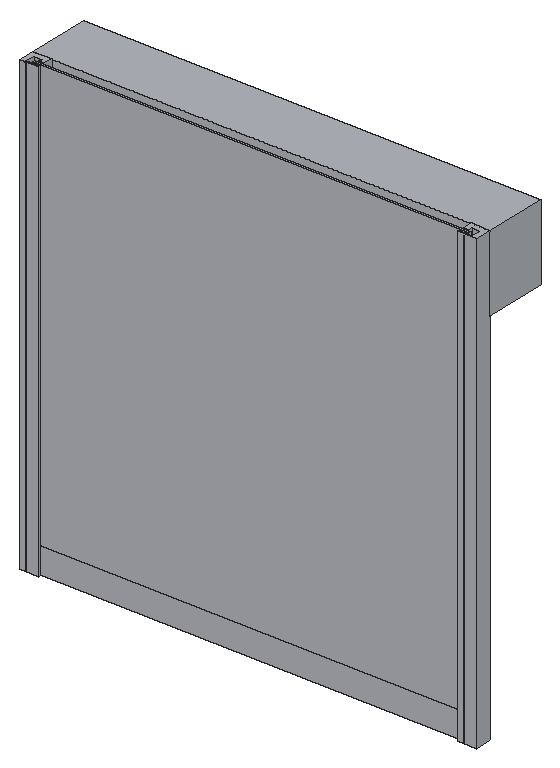
Revit family "Overhead_Door-CHI-Counter_Shutter-6500", category Specialty Equipment, host Wall, Revit 2026
Family settings
  Host = Wall
  Round Connector Dimension = Use Diameter
  Part Type = Normal
  Classification Number = 23.30.60.14.17
  Enable Cutting in Views = No
  Always vertical = Yes
  Cut with Voids When Loaded = No
  Maintain Annotation Orientation = No
  Shared = No
  Room Calculation Point = No
Parameters (values of type "Counter Shutter - 6522 - Galvanized - F1.5 Flat Slat")
  Warranty URL = "https://www.chiohd.com/support/warranty"
  Version = "2021-v1.a"  # constant formula
  URL = "https://www.chiohd.com/"
  Support Phone = "(224) 699-9545"  # constant formula
  Support Email = "mailto: support@bimsmith.com"
  Steel Gauge = if(Constraints = 2, "16", "22")  # "22"
  Stainless Steel Profile [instance] = not(Aluminum Profile)  # no
  Right Side Operator [instance] = not(Left Side Operator)  # yes
  C FW Right Operator Vis [instance] = if(and(Face of Wall Installation, Motor Operated, Right Side Operator), 1 = 1, 1 = 0)  # no
  Left Side Operator [instance] = no
  Fire Rating = "Contact Manufacturer for More Information"  # constant formula
  Product Page URL = "https://www.chiohd.com/commercial-doors/counter-shutters/6522"
  Product Documentation Link = "https://cdn2.hubspot.net/hubfs/2029938/Architects-Specifications/CHI-RS_Shutters082015V1L.pdf?t=1537204623233"
  Panel Thickness = 0' - 0 1/2"  # constant formula
  Panel Finish = Steel - C.H.I Overhead Doors - F1.5 Flat Slat - Unpainted Galvanized
  Opening Width [instance] = if(Desired Opening Width < C Min Width, C Min Width, if(Desired Opening Width > C Max Width, C Max Width, Desired Opening Width))  # 5' - 0"
  Opening Height [instance] = if(Desired Opening Height < C Min Height, C Min Height, if(Desired Opening Height > C Max Height, C Max Height, Desired Opening Height))  # 5' - 0"
  Face of Wall Installation [instance] = not(Between Jamb Installation)  # no
  Door Size Limits [instance] = "Min Size 3' x 3' │ Max Size 8'-4\"H x 14'-4\"W"  # constant formula
  C Top Box Height = 0' - 10"  # constant formula
  C Side Offset [instance] = if(and(Stainless Steel Profile, Between Jamb Installation), 0' 4 5/16", if(Aluminum Profile, 0' 2 1/2", 0' 2 197/256"))  # 0' - 2 1/2"
  C Opening Offset [instance] = if(Between Jamb Installation, C Side Offset, 0' 0")  # 0' - 2 1/2"
  Constraints = 1
  C FW Left Operator Vis [instance] = if(and(Face of Wall Installation, Motor Operated, Left Side Operator), 1 = 1, 1 = 0)  # no
  C Headroom = 1' - 1 1/2"  # constant formula
  C Front Frame Offset [instance] = if(Aluminum Profile, 0' 0 79/128", 0' 0")  # 0' - 0 79/128"
  C Frame Thickness [instance] = if(and(Stainless Steel Profile, Between Jamb Installation), 0' 2 229/256", if(Aluminum Profile, 0' 2 39/256", 0' 2 197/256"))  # 0' - 2 39/256"
  C Door Thickness = 0' - 0 79/256"  # constant formula
  C Door Overall Offset [instance] = if(Between Jamb Installation, 0' 0", C Frame Thickness)  # 0' - 0"
  C Door Inset [instance] = if(Aluminum Profile, 0' 1 11/64", 0' 1 1/2")  # 0' - 1 11/64"
  C Door Front Offset [instance] = if(Aluminum Profile, 0' 0 103/256", 0' 0 1/2")  # 0' - 0 103/256"
  C Backroom = 0' - 10 1/2"  # constant formula
  C BJ Right Operator Vis [instance] = if(and(Between Jamb Installation, Motor Operated, Right Side Operator), 1 = 1, 1 = 0)  # no
  C BJ Left Operator Vis [instance] = if(and(Between Jamb Installation, Motor Operated, Left Side Operator), 1 = 1, 1 = 0)  # no
  Between Jamb Installation [instance] = yes
  Motor Operated [instance] = no
  Model = if(Constraints = 1, "6522", if(Constraints = 2, "6544", if(Constraints = 3, "6566", "NA")))  # "6522"
  Material = Steel - C.H.I Overhead Doors - Unpainted Galvanized
  Manufacturer Phone Number = "800-738-5006"  # constant formula
  Manufacturer Fax Number = "800-677-2650"  # constant formula
  Manufacturer Email = "mailto:aia@chiohd.com"
  Manufacturer Address = "1485 Sunrise Drive, Arthur, IL 61911"  # constant formula
  Manufacturer = "C.H.I. Overhead Doors"  # constant formula
  Manual Operated [instance] = not(Motor Operated)  # yes
  Keynote = "08 30 00"
  Desired Opening Height [instance] = 5' - 0"
  Desired Opening Width [instance] = 5' - 0"
  Description = "Roll-up Counter Shutter"  # constant formula
  Default Elevation = 2' - 4"
  Copyright = "©2024 C.H.I. Overhead Doors - a NUCOR® company All information presented is based on the specifications and features available at the time of printing and is subject to change without notice."  # constant formula
  C Min Width [instance] = 3' - 0"  # constant formula
  C Min Height [instance] = 3' - 0"  # constant formula
  C Max Width [instance] = 14' - 4"  # constant formula
  C Max Height [instance] = 8' - 4"  # constant formula
  Headroom [instance] = 1' - 1 1/2"  # constant formula
  Door Side Offset [instance] = if(Motor Operated, 0' 4 1/2", if(Constraints = 3, 0' 3 1/2", 0' 2 1/2"))  # 0' - 2 1/2"
  Assembly Code = "B2030410"
  Aluminum Profile [instance] = yes
Types (6): name | Steel Gauge | Right Side Operator | Left Side Operator | Product Page URL | Panel Finish | Constraints | C BJ Left Operator Vis | Motor Operated | Model | Material | Manual Operated | Door Side Offset
  (no name) | "22" | yes | no | "https://www.chiohd.com/commercial-doors/counter-shutters/6522" | Steel - C.H.I Overhead Doors - F1.5 Flat Slat - Unpainted Galvanized | 1 | no | no | "6522" | Steel - C.H.I Overhead Doors - Unpainted Galvanized | yes | 0' - 2 1/2"
  Counter Shutter - 6522 - Gray - F1.5 Flat Slat | "22" | no | yes | "https://www.chiohd.com/commercial-doors/counter-shutters/6522" | Steel - C.H.I Overhead Doors - F1.5 Flat Slat - Gray | 1 | no | no | "6522" | Steel - C.H.I Overhead Doors - Gray | yes | 0' - 2 1/2"
  Counter Shutter - 6566 - Stainless - F1.5 Flat Slat | "22" | no | yes | "https://www.chiohd.com/commercial-doors/counter-shutters/6566" | Steel - C.H.I Overhead Doors - F1.5 Flat Slat - Stainless | 3 | yes | yes | "6566" | Steel - C.H.I Overhead Doors - Stainless | no | 0' - 4 1/2"
  Counter Shutter - 6544 - Clear Anodized - F1.5 Flat Slat | "16" | no | yes | "https://www.chiohd.com/commercial-doors/counter-shutters/6544" | Aluminum - C.H.I Overhead Doors - Flat Slat F1.5 - Clear Anodized | 2 | no | no | "6544" | Aluminum - C.H.I Overhead Doors - Clear Anodized | yes | 0' - 2 1/2"
  Counter Shutter - 6522 - White - F1.5 Flat Slat | "22" | no | yes | "https://www.chiohd.com/commercial-doors/counter-shutters/6522" | Steel - C.H.I Overhead Doors - F1.5 Flat Slat - White | 1 | no | no | "6522" | Steel - C.H.I Overhead Doors - White | yes | 0' - 2 1/2"
  Counter Shutter - 6522 - Galvanized - F1.5 Flat Slat | "22" | yes | no | "https://www.chiohd.com/commercial-doors/counter-shutters/6522" | Steel - C.H.I Overhead Doors - F1.5 Flat Slat - Unpainted Galvanized | 1 | no | no | "6522" | Steel - C.H.I Overhead Doors - Unpainted Galvanized | yes | 0' - 2 1/2"
Reference planes (in)
  plane 1: y = 0
  plane 2 "Center (Left/Right)": x = 0
  plane 3 "Wall Edge": y = 3
  plane 4: z = 60
  plane 5: x = -27.5
  plane 6: x = 27.5
  plane 7: y = 0.84766
  plane 8: y = 0.23047
  plane 9: y = 3
  plane 10: y = 11.34766
  plane 11: z = 50
  plane 12: z = 46.5
  plane 13: x = -28.67187
  plane 14: y = 1.25
  plane 15: y = 1.55859
  plane 16: x = 28.67187
  plane 17: z = 3.37726
  plane 18: x = -30
  plane 19: x = 30
  plane 20: x = -30
  plane 21: x = 30
Forms (in)
  Extrusion 1, solid, material "Steel - C.H.I Overhead Doors - Unpainted Galvanized" <- "Material"
    sketch origin (0, 0, 0) x (0, 1, 0) y (0, 0, 1)
      loop
        line (3, 60) -> (3, 50) -> (11.34766, 50) -> (11.34766, 60) -> (3, 60)
    from -30 to 30
  Extrusion 2, solid, material "Steel - C.H.I Overhead Doors - Unpainted Galvanized" <- "Material"
    sketch origin (0, 0, 0) x (1, 0, 0) y (0, 1, 0)
      loop
        line (-28.67187, 1.55859) -> (-28.67187, 1.25) -> (28.67188, 1.25) -> (28.67188, 1.55859) -> (-28.67187, 1.55859)
    from 0 to 3.37726
  Extrusion 3, solid, material "Steel - C.H.I Overhead Doors - F1.5 Flat Slat - Unpainted Galvanized" <- "Panel Finish"
    sketch origin (0, 0, 0) x (1, 0, 0) y (0, 1, 0)
      loop
        line (-28.67187, 1.55859) -> (-28.67187, 1.25) -> (28.67188, 1.25) -> (28.67188, 1.55859) -> (-28.67187, 1.55859)
    from 3.37726 to 60
Lines and regions (in)
  Opening 1
    outline origin (-60, -3, 0) x (1, 0, 0) y (0, 0, 1)
      loop
        line (30, 60) -> (30, 0) -> (90, 0) -> (90, 60) -> (30, 60)
Text (in)
  text "Placement Side" at (0, 40.15149, 123.01588), in view "Right"
  text "Placement Side" at (-70.3804, 28.46503, 0), in view "Ref. Level"
  text "Placement Side" at (0, 55.49956, 86.01421), in view "Left"
Dimensions and locks (in)
  locked: plane 3 "Wall Edge" to host wall
  "Opening Height": level to plane 4
  "C Front Frame Offset": plane 7 to plane 8
  "C Frame Thickness": plane 9 to plane 7
  "C Backroom": plane 10 to plane 7
  "C Top Box Height": plane 11 to plane 4
  "C Headroom": plane 12 to plane 4
  "C Door Front Offset": plane 14 to plane 7
  "C Door Thickness": plane 15 to plane 14
  "C Door Overall Offset": plane 3 "Wall Edge" to plane 9
  equal spacing: plane 18, plane 2 "Center (Left/Right)", plane 19
  "Opening Width": plane 18 to plane 19
  "C Opening Offset": plane 18 to plane 5
  "C Opening Offset": plane 6 to plane 19
  "C Side Offset": plane 20 to plane 5
  "C Side Offset": plane 6 to plane 21
  "C Door Inset": plane 13 to plane 5
  "C Door Inset": plane 6 to plane 16
  aligned and locked: plane 4 to Opening 1 sketch curve
  aligned and locked: level to Opening 1 sketch curve
  aligned and locked: plane 6 to nested 1
  aligned and locked: nested 1 to plane 8
  aligned and locked: plane 5 to nested 2
  aligned and locked: nested 2 to plane 8
  aligned and locked: nested 1 to Extrusion 1 sketch curve
  aligned and locked: Extrusion 1 sketch curve to plane 11
  aligned and locked: Extrusion 1 sketch curve to plane 10
  aligned and locked: Extrusion 2 sketch curve to plane 15
  aligned and locked: plane 13 to Extrusion 2 sketch curve
  aligned and locked: Extrusion 2 sketch curve to plane 14
  aligned and locked: Extrusion 2 sketch curve to plane 16
  aligned and locked: Extrusion 2 to level
  aligned and locked: Extrusion 2 to plane 17
  aligned and locked: Extrusion 3 sketch curve to Extrusion 2  (x4)
  aligned and locked: Extrusion 3 to plane 17
  aligned and locked: host wall to Extrusion 3
  aligned and locked: Opening 1 sketch curve to plane 18
  aligned and locked: plane 19 to Opening 1 sketch curve
  aligned and locked: plane 21 to Extrusion 1
  aligned and locked: Extrusion 1 to plane 20
  aligned and locked: plane 9 to Extrusion 1 sketch curve
  aligned and locked: nested 3 to plane 4
  aligned and locked: nested 3 to plane 21
  aligned and locked: nested 4 to plane 20
  aligned and locked: plane 4 to nested 4
  aligned and locked: plane 4 to nested 5
  aligned and locked: plane 21 to nested 5
  aligned and locked: nested 6 to plane 4
  aligned and locked: plane 20 to nested 6
Nested families (in)
  nested 1: "Nested-Sides" at (27.5, 2.99916, 0) x (-1, 0, 0) z (0, 0, 1), type "Default"
    with Stainless Steel Profile (Between Jambs) no, Stainless Steel Profile no, Aluminum Profile yes
  nested 2: "Nested-Sides" at (-27.5, 2.99916, 0), type "Default"
    with Stainless Steel Profile (Between Jambs) no, Stainless Steel Profile no, Aluminum Profile yes
  nested 3: "Nested - Operator" at (39.491, 3, 60) x (1, 0, 0) z (0, 1, 0), visible <- "C FW Left Operator Vis", type "Default"
  nested 4: "Nested - Operator" at (-39.491, 3, 60) x (-1, 0, 0) z (0, 1, 0), visible <- "C FW Right Operator Vis", type "Default"
  nested 5: "Nested - Operator" at (21.35298, 11.34766, 60) x (-1, 0, 0) z (0, 1, 0), visible <- "C BJ Left Operator Vis", type "Default"
  nested 6: "Nested - Operator" at (-21.35298, 11.34766, 60) x (1, 0, 0) z (0, 1, 0), visible <- "C BJ Right Operator Vis", type "Default"
Definition of nested family "Nested-Sides"
  Parameters (values of type "Default")
    Stainless Steel Profile (Between Jambs) = and(Stainless Steel Profile, Between Jambs)  # yes
    Stainless Steel Profile = not(Aluminum Profile)  # yes
    Material = none
    H = 0' - 2 229/256"  # constant formula
    Frame Height = 5' - 0"
    Default Elevation = 0' - 0"
    Between Jambs = yes
    Aluminum Profile = no
    A = 0' - 4 3/16"  # constant formula
  Reference planes (in)
    plane 1 "Center (Front/Back)": y = 0
    plane 2: z = 0
    plane 3 "Center (Left/Right)": x = 0
    plane 4: z = 60
    plane 5: x = -2.76846
    plane 6: x = -4.31334
    plane 7: y = 0.12584
    plane 8: x = -2.64262
    plane 9: x = -2.51678
    plane 10 "AA": y = -2.76869
  Forms (in)
    Extrusion 1, solid, material <- "Material", visible <- "Stainless Steel Profile"
      sketch origin (-1.35633, -2.42987, 0) x (1, 0, 0) y (0, 1, 0)
        loop
          line (1.10465, 2.17819) -> (1.10465, 1.29752)
          arc (1.10465, 1.29752) -> (1.06779, 1.20854) -> (0.97881, 1.17169) r 0.12584
          line (0.97881, 1.17169) -> (0.34962, 1.17169) -> (0.34962, 1.04585) -> (0.97881, 1.04585)
          arc (0.97881, 1.04585) -> (1.15677, 1.11956) -> (1.23049, 1.29752) r 0.25168
          line (1.23049, 1.29752) -> (1.23049, 2.17819)
          arc (1.23049, 2.17819) -> (1.15677, 2.35616) -> (0.97881, 2.42987) r 0.25168
          line (0.97881, 2.42987) -> (-1.16045, 2.42987)
          arc (-1.16045, 2.42987) -> (-1.33841, 2.35616) -> (-1.41213, 2.17819) r 0.25168
          line (-1.41213, 2.17819) -> (-1.41213, 0.16497) -> (-1.28629, 0.16497) -> (-1.28629, 2.17819)
          arc (-1.28629, 2.17819) -> (-1.24943, 2.26717) -> (-1.16045, 2.30403) r 0.12584
          line (-1.16045, 2.30403) -> (0.97881, 2.30403)
          arc (0.97881, 2.30403) -> (1.06779, 2.26717) -> (1.10465, 2.17819) r 0.12584
      from 0 to 60
    Extrusion 2, solid, material <- "Material", visible <- "Stainless Steel Profile"
      sketch origin (-1.35633, -2.42987, 0) x (1, 0, 0) y (0, 1, 0)
        loop
          line (-1.16045, 1.80024) -> (-1.28629, 1.80024) -> (-1.28629, -0.08735)
          arc (-1.28629, -0.08735) -> (-1.21257, -0.26531) -> (-1.03461, -0.33903) r 0.25168
          line (-1.03461, -0.33903) -> (1.23049, -0.33903) -> (1.23049, -0.21319) -> (-1.03461, -0.21319)
          arc (-1.03461, -0.21319) -> (-1.12359, -0.17633) -> (-1.16045, -0.08735) r 0.12584
          line (-1.16045, -0.08735) -> (-1.16045, 1.80024)
      from 0 to 60
    Extrusion 3, solid, material <- "Material", visible <- "Aluminum Profile"
      sketch origin (11.31899, 0, 0) x (1, 0, 0) y (0, 1, 0)
        loop
          line (-11.40038, -1.20393) -> (-11.40038, 0) -> (-13.81899, 0) -> (-13.81899, -2.14988) -> (-11.40038, -2.14988) -> (-11.40038, -1.95639) -> (-12.06684, -1.95639) -> (-12.06684, -2.02089) -> (-13.09878, -2.02089) -> (-13.09878, -0.80083) -> (-12.06684, -0.80083) -> (-12.06684, -1.20393) -> (-11.40038, -1.20393)
      from 0 to 60
    Extrusion 4, solid, material <- "Material", visible <- "Stainless Steel Profile (Between Jambs)"
      sketch origin (-3.97467, -2.43787, 0) x (1, 0, 0) y (0, 1, 0)
        loop
          arc (-0.21283, 2.31203) -> (-0.17598, 2.40102) -> (-0.08699, 2.43787) r 0.12584
          line (-0.08699, 2.43787) -> (3.58955, 2.43787) -> (3.58955, 2.56371) -> (-0.08699, 2.56371)
          arc (-0.08699, 2.56371) -> (-0.26496, 2.49) -> (-0.33867, 2.31203) r 0.25168
          line (-0.33867, 2.31203) -> (-0.33867, 0.17314) -> (-0.21283, 0.17314) -> (-0.21283, 2.31203)
      from 0 to 60
  Lines and regions (in)
    Masking region 1, visible <- "Aluminum Profile"
      outline origin (11.31899, 0, 0) x (1, 0, 0) y (0, 1, 0)
        loop
          line (-13.09878, -0.80083) -> (-12.06684, -0.80083) -> (-12.06684, -1.20393) -> (-11.40038, -1.20393) -> (-11.40038, 0) -> (-13.81899, 0) -> (-13.81899, -2.14988) -> (-11.40038, -2.14988) -> (-11.40038, -1.95639) -> (-12.06684, -1.95639) -> (-12.06684, -2.02089) -> (-13.09878, -2.02089) -> (-13.09878, -0.80083)
    symbolic lines, visible <- "Aluminum Profile"
      curve 1: line (-2.37101, -2.08538, 0) -> (-2.37101, -2.01014, 0)
      curve 2: line (-2.37101, -2.01014, 0) -> (-1.90878, -2.01014, 0)
      curve 3: line (-1.90878, -2.01014, 0) -> (-1.90878, -1.69303, 0)
      curve 4: line (-1.90878, -1.69303, 0) -> (-2.0324, -1.69303, 0)
      curve 5: line (-2.0324, -1.69303, 0) -> (-2.0324, -1.88114, 0)
      curve 6: line (-2.0324, -1.88114, 0) -> (-2.11302, -1.88114, 0)
      curve 7: line (-2.11302, -1.88114, 0) -> (-2.11302, -1.74678, 0)
      curve 8: line (-2.11302, -1.74678, 0) -> (-2.21514, -1.74678, 0)
      curve 9: line (-2.21514, -1.74678, 0) -> (-2.21514, -1.88114, 0)
      curve 10: line (-2.21514, -1.88114, 0) -> (-2.37101, -1.88114, 0)
      curve 11: line (-2.37101, -1.88114, 0) -> (-2.37101, -1.20931, 0)
      curve 12: line (-2.37101, -1.20931, 0) -> (-2.21514, -1.20931, 0)
      curve 13: line (-2.21514, -1.20931, 0) -> (-2.21514, -1.34367, 0)
      curve 14: line (-2.21514, -1.34367, 0) -> (-2.11302, -1.34367, 0)
      curve 15: line (-2.11302, -1.34367, 0) -> (-2.11302, -1.20931, 0)
      curve 16: line (-2.11302, -1.20931, 0) -> (-2.0324, -1.20931, 0)
      curve 17: line (-2.0324, -1.20931, 0) -> (-2.0324, -1.39742, 0)
      curve 18: line (-2.0324, -1.39742, 0) -> (-1.90878, -1.39742, 0)
      curve 19: line (-1.90878, -1.39742, 0) -> (-1.90878, -1.08031, 0)
      curve 20: line (-1.90878, -1.08031, 0) -> (-2.37101, -1.08031, 0)
      curve 21: line (-2.37101, -1.08031, 0) -> (-2.37101, -0.12899, 0)
      curve 22: line (-2.37101, -2.08538, 0) -> (-2.37101, -2.04238, 0)
      curve 23: line (-2.37101, -2.04238, 0) -> (-1.90878, -2.04238, 0)
      curve 24: line (-1.90878, -2.04238, 0) -> (-1.90878, -0.67184, 0)
      curve 25: line (-1.90878, -0.67184, 0) -> (-0.61886, -0.67184, 0)
      curve 26: line (-0.61886, -0.67184, 0) -> (-0.61886, -0.96744, 0)
      curve 27: line (-0.61886, -0.96744, 0) -> (-0.16738, -0.96744, 0)
      curve 28: line (-0.16738, -0.96744, 0) -> (-0.16738, -0.34398, 0)
      curve 29: line (-0.16738, -0.34398, 0) -> (-0.34475, -0.34398, 0)
      curve 30: line (-0.34475, -0.34398, 0) -> (-0.34475, -0.17199, 0)
      curve 31: line (-0.34475, -0.17199, 0) -> (-0.25875, -0.17199, 0)
      curve 32: line (-0.25875, -0.17199, 0) -> (-0.25875, -0.25799, 0)
      curve 33: line (-0.25875, -0.25799, 0) -> (-0.16738, -0.25799, 0)
      curve 34: line (-0.54361, -1.13944, 0) -> (-0.54361, -1.20393, 0)
      curve 35: line (-0.60811, -1.13944, 0) -> (-0.54361, -1.13944, 0)
      curve 36: line (-0.60811, -1.08569, 0) -> (-0.60811, -1.13944, 0)
      curve 37: line (-0.60811, -1.08569, 0) -> (-0.29638, -1.08569, 0)
      curve 38: line (-0.29638, -1.08569, 0) -> (-0.29638, -1.13944, 0)
      curve 39: line (-0.29638, -1.13944, 0) -> (-0.36087, -1.13944, 0)
      curve 40: line (-0.36087, -1.13944, 0) -> (-0.36087, -1.20393, 0)
      curve 41: line (-0.54361, -1.95618, 0) -> (-0.54361, -2.02068, 0)
      curve 42: line (-0.54361, -2.02068, 0) -> (-0.60811, -2.02068, 0)
      curve 43: line (-0.60811, -2.02068, 0) -> (-0.60811, -2.07443, 0)
      curve 44: line (-0.60811, -2.07443, 0) -> (-0.29638, -2.07443, 0)
      curve 45: line (-0.29638, -2.07443, 0) -> (-0.29638, -2.02068, 0)
      curve 46: line (-0.29638, -2.02068, 0) -> (-0.36087, -2.02068, 0)
      curve 47: line (-0.36087, -2.02068, 0) -> (-0.36087, -1.95618, 0)
      curve 48: line (-0.24263, -0.12899, 0) -> (-0.24263, -0.25799, 0)
      curve 49: line (-2.37101, -0.12899, 0) -> (-0.24263, -0.12899, 0)
      curve 50: line (-0.16738, -0.25799, 0) -> (-0.16738, 0, 0)
      curve 51: line (-2.37101, -2.08538, 0) -> (-2.5, -2.08538, 0)
  Dimensions and locks (in)
    "Frame Height": plane 4 to level
    locked: plane 6 to Extrusion 4 sketch curve at 0.12584
    Extrusion 4 sketch curve to plane 3 "Center (Left/Right)" = 0' - 0.38512"
    "H": plane 10 "AA" to plane 7
    plane 5 to plane 8 to plane 9 = 0' - 0.12584" locked, 0' - 0.12584" locked
    locked: plane 10 "AA" to Extrusion 4 sketch curve at 0.50396
    locked: plane 10 "AA" to Extrusion 1 sketch curve at 0.5038
    locked: plane 5 to plane 3 "Center (Left/Right)" at 2.76846
    locked: plane 6 to plane 3 "Center (Left/Right)" at 4.31334
    aligned and locked: plane 2 to level
    aligned and locked: plane 6 to Extrusion 4 sketch curve
    aligned and locked: plane 4 to Extrusion 4
    aligned and locked: plane 4 to Extrusion 3
    aligned and locked: plane 4 to Extrusion 2
    aligned and locked: plane 4 to Extrusion 1
  Automatic sketch dimensions
    Extrusion 1 sketch curve to Extrusion 1 sketch curve = 0' - 0"  (x7)
    plane 1 "Center (Front/Back)" to Extrusion 1 sketch curve = 0' - 0"
    Extrusion 1 sketch curve to plane 3 "Center (Left/Right)" = 0' - 2.76846"
    Extrusion 1 sketch curve to Extrusion 1 sketch curve = 0' - 0.12584"  (x2)
    Extrusion 1 sketch curve to Extrusion 1 sketch curve = 0' - 1.63591"
    Extrusion 1 sketch curve to Extrusion 1 sketch curve = 0' - 0.62919"
    plane 1 "Center (Front/Back)" to Extrusion 1 sketch curve = 0' - 0.25168"
    Extrusion 1 sketch curve to Extrusion 1 sketch curve = 0' - 0.88087"
    Extrusion 2 sketch curve to Extrusion 2 sketch curve = 0' - 0"  (x2)
    Extrusion 2 sketch curve to plane 3 "Center (Left/Right)" = 0' - 2.64262"
    Extrusion 2 sketch curve to Extrusion 2 sketch curve = 0' - 0.12584"  (x2)
    Extrusion 2 sketch curve to plane 3 "Center (Left/Right)" = 0' - 0.12584"
    plane 1 "Center (Front/Back)" to Extrusion 2 sketch curve = 0' - 2.7689"
    plane 1 "Center (Front/Back)" to Extrusion 2 sketch curve = 0' - 0.62964"
    plane 1 "Center (Front/Back)" to Extrusion 3 sketch curve = 0' - 0"
    Extrusion 3 sketch curve to plane 3 "Center (Left/Right)" = 0' - 2 1/2"
    Extrusion 3 sketch curve to Extrusion 3 sketch curve = 0' - 0.72021"
    Extrusion 3 sketch curve to Extrusion 3 sketch curve = 0' - 1.03194"
    Extrusion 3 sketch curve to Extrusion 3 sketch curve = 0' - 0"
    Extrusion 3 sketch curve to Extrusion 3 sketch curve = 0' - 0.66646"  (x2)
    plane 1 "Center (Front/Back)" to Extrusion 3 sketch curve = 0' - 0.80083"
    Extrusion 3 sketch curve to Extrusion 3 sketch curve = 0' - 0.4031"
    Extrusion 3 sketch curve to Extrusion 3 sketch curve = 0' - 0.75246"
    Extrusion 3 sketch curve to Extrusion 3 sketch curve = 0' - 0.0645"
    Extrusion 3 sketch curve to Extrusion 3 sketch curve = 0' - 0.12899"
    plane 1 "Center (Front/Back)" to Masking region 1 sketch curve = 0' - 0"
    Masking region 1 sketch curve to plane 3 "Center (Left/Right)" = 0' - 2 1/2"
    Masking region 1 sketch curve to Masking region 1 sketch curve = 0' - 0.72021"
    Masking region 1 sketch curve to Masking region 1 sketch curve = 0' - 1.03194"
    Masking region 1 sketch curve to Masking region 1 sketch curve = 0' - 0"
    Masking region 1 sketch curve to Masking region 1 sketch curve = 0' - 0.66646"  (x2)
    plane 1 "Center (Front/Back)" to Masking region 1 sketch curve = 0' - 0.80083"
    Masking region 1 sketch curve to Masking region 1 sketch curve = 0' - 0.4031"
    Masking region 1 sketch curve to Masking region 1 sketch curve = 0' - 0.75246"
    Masking region 1 sketch curve to Masking region 1 sketch curve = 0' - 0.0645"
    Masking region 1 sketch curve to Masking region 1 sketch curve = 0' - 0.12899"
    Extrusion 4 sketch curve to Extrusion 4 sketch curve = 0' - 0"  (x2)
    plane 1 "Center (Front/Back)" to Extrusion 4 sketch curve = 0' - 0"
    Extrusion 4 sketch curve to Extrusion 4 sketch curve = 0' - 0.12584"
    plane 1 "Center (Front/Back)" to curve 50 = 0' - 0"
    plane 9 to curve 2 = 0' - 0.14577"
    plane 9 to curve 49 = 0' - 0.14577"
    plane 9 to curve 12 = 0' - 0.14577"
    curve 10 to curve 9 = 0' - 0.15587"
    plane 9 to curve 13 = 0' - 0.30164"
    curve 8 to curve 7 = 0' - 0.10212"
    curve 13 to curve 14 = 0' - 0.10212"
    curve 14 to curve 18 = 0' - 0.08062"
    curve 7 to curve 5 = 0' - 0.08062"
    curve 17 to curve 19 = 0' - 0.12362"
    curve 5 to curve 23 = 0' - 0.12362"
    curve 3 to curve 23 = 0' - 0"
    curve 25 to plane 3 "Center (Left/Right)" = 0' - 0.61886"
    curve 26 to curve 35 = 0' - 0.01075"
    curve 43 to plane 3 "Center (Left/Right)" = 0' - 0.60811"
    curve 35 to curve 34 = 0' - 0.0645"
    curve 42 to curve 41 = 0' - 0.0645"
    curve 41 to curve 46 = 0' - 0.18274"
    curve 34 to curve 40 = 0' - 0.18274"
    plane 1 "Center (Front/Back)" to curve 30 = 0' - 0.17199"
    curve 30 to plane 3 "Center (Left/Right)" = 0' - 0.34475"
    curve 39 to curve 38 = 0' - 0.0645"
    curve 46 to curve 46 = 0' - 0.0645"
    curve 30 to curve 32 = 0' - 0.086"
    curve 31 to curve 48 = 0' - 0.01612"
    curve 48 to curve 33 = 0' - 0.07525"
    curve 29 to curve 33 = 0' - 0"
    curve 33 to curve 31 = 0' - 0.086"
    curve 28 to curve 33 = 0' - 0.086"
    plane 1 "Center (Front/Back)" to curve 24 = 0' - 0.67184"
    curve 27 to curve 25 = 0' - 0.29561"
    curve 21 to curve 24 = 0' - 0.40848"
    curve 37 to curve 27 = 0' - 0.11824"
    curve 36 to curve 36 = 0' - 0.05375"
    curve 39 to curve 37 = 0' - 0.05375"
    curve 15 to curve 19 = 0' - 0.12899"
    curve 12 to curve 20 = 0' - 0.12899"
    curve 14 to curve 15 = 0' - 0.13437"
    curve 19 to curve 14 = 0' - 0.05375"
    curve 4 to curve 18 = 0' - 0.29561"
    curve 7 to curve 4 = 0' - 0.05375"
    curve 7 to curve 7 = 0' - 0.13437"
    curve 11 to curve 8 = 0' - 0.13437"
    curve 2 to curve 10 = 0' - 0.12899"
    curve 47 to plane 10 "AA" = 0' - 0.74801"
    curve 43 to curve 46 = 0' - 0"
    curve 23 to curve 1 = 0' - 0.03225"
    curve 45 to curve 45 = 0' - 0.05375"
    curve 51 to curve 22 = 0' - 0.043"
    plane 1 "Center (Front/Back)" to curve 21 = 0' - 0.12899"
    plane 8 to curve 51 = 0' - 0.14262"
    curve 34 to curve 34 = 0' - 0.0645"
    curve 40 to curve 39 = 0' - 0.0645"
    curve 46 to curve 47 = 0' - 0.0645"
    curve 41 to curve 41 = 0' - 0.0645"
Definition of nested family "Nested - Operator"
  Parameters (values of type "Default")
    Finish = none
    Default Elevation = 0' - 0"
    Between Jambs = yes
  Reference planes (in)
    plane 1 "Center (Front/Back)": y = 0
    plane 2: z = 0
    plane 3 "Center (Left/Right)": x = 0
    plane 4: x = -8.64702
    plane 5: x = -1.45702
    plane 6: y = -12.56
    plane 7: y = -8.95
    plane 8 "BB": y = -0.82
  Forms (in)
    Extrusion 1, solid
      sketch origin (0, 0, 0) x (1, 0, 0) y (0, 0, 1)
        loop
          line (-8.64702, 11.12) -> (-8.64702, 8.06455) -> (-1.45702, 8.06455) -> (-1.45702, 11.12) -> (-8.64702, 11.12)
      from 0 to 12.56
    Revolve 2, solid
      sketch origin (-10.67207, -8.95, 48) x (-1, 0, 0) y (0, 0, 1)
        loop
          line (-1.18107, -45.007) -> (-1.18107, -44.48848) -> (-6.16137, -44.48848) -> (-6.16137, -44.23848) -> (-9.14971, -44.23848) -> (-9.14971, -43.73848) -> (-9.43894, -43.73848) -> (-9.43894, -43.79157) -> (-9.81184, -43.79157) -> (-9.81184, -43.35546) -> (-10.53046, -43.35546) -> (-10.53046, -44.37338) -> (-10.67207, -44.37338) -> (-10.67207, -45.007) -> (-1.18107, -45.007)
        axis (-1.18107, -45.007) -> (-10.67207, -45.007)
      angle from 0 to 360
    Extrusion 3, solid
      sketch origin (-41.10561, -17.06521, 0) x (1, 0, 0) y (0, 1, 0)
        loop
          line (33.52673, 16.05438) -> (33.52673, 11.44389) -> (39.22744, 11.44389) -> (39.22744, 16.05438) -> (33.52673, 16.05438)
      from 2.34685 to 8.06455
    Extrusion 4, solid
      sketch origin (-41.10561, -17.06521, 0) x (1, 0, 0) y (0, 1, 0)
        loop
          line (35.87698, 9.81535) -> (36.87719, 9.81535) -> (38.93706, 10.38084)
          arc (38.93706, 10.38084) -> (39.24911, 10.91751) -> (38.79611, 11.342) r 0.49842
          line (38.79611, 11.342) -> (37.53539, 11.44389) -> (35.21879, 11.44389) -> (33.95806, 11.342)
          arc (33.95806, 11.342) -> (33.50506, 10.91751) -> (33.81711, 10.38084) r 0.49842
          line (33.81711, 10.38084) -> (35.87698, 9.81535)
        loop
          line (35.87698, 6.35598) -> (33.81711, 5.79049)
          arc (33.81711, 5.79049) -> (33.50506, 5.25382) -> (33.95806, 4.82933) r 0.49842
          line (33.95806, 4.82933) -> (35.21879, 4.72744) -> (37.53539, 4.72744) -> (38.79611, 4.82933)
          arc (38.79611, 4.82933) -> (39.24911, 5.25382) -> (38.93706, 5.79049) r 0.49842
          line (38.93706, 5.79049) -> (36.87719, 6.35598) -> (35.87698, 6.35598)
      from 0 to 0.60386
    Extrusion 5, solid
      sketch origin (-41.10561, -17.06521, 0) x (1, 0, 0) y (0, 1, 0)
        loop
          line (34.72223, 11.06535) -> (34.72223, 5.23785) -> (38.03024, 5.23785) -> (38.03024, 11.06535) -> (34.72223, 11.06535)
      from 0.13494 to 8.06455
    Revolve 6, solid
      sketch origin (-10.67207, -0.82, 48) x (-1, 0, 0) y (0, 0, 1)
        loop
          line (-9.97079, -39.17298) -> (-1.7706, -39.17298) -> (-1.7706, -38.96031) -> (-1.91806, -38.96031) -> (-1.91806, -38.80787) -> (-9.8129, -38.80787) -> (-9.8129, -38.55087) -> (-9.97079, -38.55087) -> (-9.97079, -39.17298)
        axis (-1.7706, -39.17298) -> (-9.97079, -39.17298)
      angle from 0 to 360
    Extrusion 7, solid
      sketch origin (0, 0, 0) x (0, 1, 0) y (0, 0, 1)
        loop
          arc (-0.59536, 8.53921) -> (-0.52337, 9.03989) -> (-1.02073, 9.132) r 0.3651
          line (-1.02073, 9.132) -> (-9.38076, 3.62945)
          arc (-9.38076, 3.62945) -> (-9.56857, 2.53694) -> (-8.46937, 2.39332) r 0.76852
          line (-8.46937, 2.39332) -> (-0.59536, 8.53921)
        loop
          arc (-9.51946, 3.83745) -> (-9.77081, 2.38997) -> (-8.31437, 2.19717) r 1.01852
          line (-8.31437, 2.19717) -> (-0.44153, 8.34214)
          arc (-0.44153, 8.34214) -> (-0.32025, 9.18564) -> (-1.15818, 9.34082) r 0.6151
          line (-1.15818, 9.34082) -> (-9.51946, 3.83745)
      from -1.23313 to -0.86023
    Revolve 8, solid, material <- "Finish", visible <- "Between Jambs"
      sketch origin (-10.67207, -8.95, 41) x (-1, 0, 0) y (0, 0, 1)
        loop
          line (-1.18107, -45.007) -> (-1.18107, -44.48848) -> (-2.02505, -44.48848) -> (-2.02505, -45.007) -> (-1.18107, -45.007)
        axis (-1.18107, -45.007) -> (-2.02505, -45.007)
      angle from 0 to 360
    Extrusion 9, solid, visible <- "Between Jambs"
      sketch origin (0, 0, 0) x (0, 1, 0) y (0, 0, 1)
        loop
          arc (-9.46852, -4.007) -> (-8.95, -4.52551) -> (-8.43148, -4.007) r 0.51852
          line (-8.43148, -4.007) -> (-8.43148, 2.993)
          arc (-8.43148, 2.993) -> (-8.95, 3.51152) -> (-9.46852, 2.993) r 0.51852
          line (-9.46852, 2.993) -> (-9.46852, -4.007)
        loop
          arc (-8.18148, 2.993) -> (-8.95, 3.76152) -> (-9.71852, 2.993) r 0.76852
          line (-9.71852, 2.993) -> (-9.71852, -4.007)
          arc (-9.71852, -4.007) -> (-8.95, -4.77551) -> (-8.18148, -4.007) r 0.76852
          line (-8.18148, -4.007) -> (-8.18148, 2.993)
      from -9.2356 to -8.81322
  Cuts and joins
    joined: Revolve 2, Extrusion 4, Extrusion 5
    joined: Extrusion 1, Revolve 6
  Dimensions and locks (in)
    locked: plane 4 to plane 5 at 7.19
    locked: plane 6 to plane 1 "Center (Front/Back)" at 12.56
    aligned and locked: plane 2 to level
    aligned and locked: plane 6 to Extrusion 1
